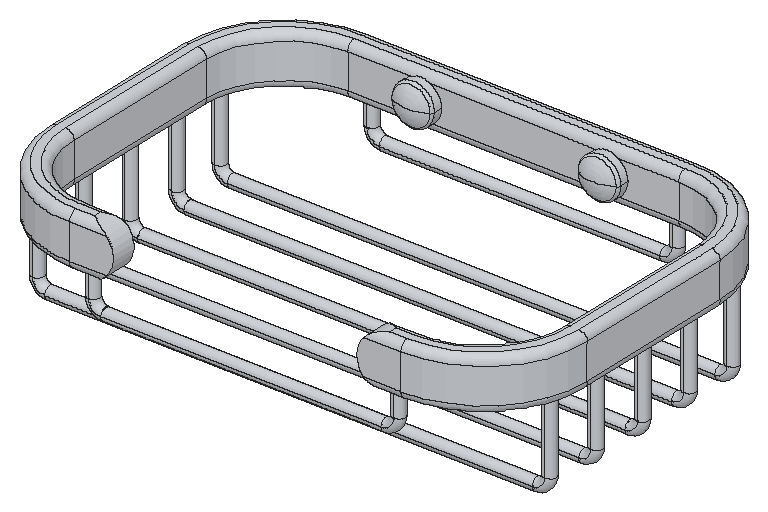
Revit family "Reece_Accessory_Posh_Solus_Soap Basket_Wire", category Plumbing Fixtures, Revit 2018
Family settings
  Round Connector Dimension = Use Diameter
  Part Type = Normal
  Work Plane-Based = Yes
  Always vertical = Yes
  Cut with Voids When Loaded = Yes
  Shared = Yes
  Room Calculation Point = Yes
Parameters (values of type "Chrome")
  URL = "https://www.reece.com.au/product/-2260170"
  Type Comments = "Accessory"
  Reece_Product_Web Page = "https://www.reece.com.au/product/-2260170"
  Reece_Product_Type = "Accessory"  # constant formula
  Reece_Product_Sub Brand = "Solus"  # constant formula
  Reece_Product_Number = "2260170"
  Reece_Product_Mount = "Wall Mounted"
  Reece_Product_Description = "Posh Solus Rectangular Wire Soap Basket Chrome"
  Reece_Product_Brand = "Posh"  # constant formula
  Reece_Overall_Width = 90 mm  # constant formula
  Reece_Overall_Length = 130 mm  # constant formula
  Reece_Overall_Height = 33 mm  # constant formula
  Reece_Material_Main = Reece_Brass_Chrome
  Reece_Height_From_Level [instance] = 1000 mm
  Reece_Detail_Installation = "Wall Mounted"  # constant formula
  Reece_Detail_Disclaimer = "THIS FILE IS THE PROPERTY OF THE REECE GROUP. IT MAY NOT BE REPRODUCED, REVERSE-ENGINEERED OR MODIFIED. ANY REPUBLICATION, TRANSMISSION OR DISTRIBUTION FOR THE PURPOSE OF COMMERCIALLY EXPLOITING THE FILES IS PROHIBITED."  # constant formula
  Reece_Detail_Additional = "Soap Basket"  # constant formula
  Model = "Solus"
  Manufacturer = "Posh"
  Keynote = "Product #2260170, Reece_Accessory_Posh_Solus_Soap Basket_Wire - Chrome"
  Disclaimer = "THIS FILE IS THE PROPERTY OF THE REECE GROUP. IT MAY NOT BE REPRODUCED, REVERSE-ENGINEERED OR MODIFIED. ANY REPUBLICATION, TRANSMISSION OR DISTRIBUTION FOR THE PURPOSE OF COMMERCIALLY EXPLOITING THE FILES IS PROHIBITED."  # constant formula
  Description = "Posh Solus Rectangular Wire Soap Basket Chrome"
  Default Elevation = 0 mm
Types (2, lengths in mm): name | Keynote
  (no name) | "Product #2260170, Reece_Accessory_Posh_Solus_Soap Basket_Wire -  "
  Chrome | "Product #2260170, Reece_Accessory_Posh_Solus_Soap Basket_Wire - Chrome"
Reference planes
  plane 1 "Center (Front/Back)": y = 0
  plane 2 "Bottom Host Plane": z = -5
  plane 3 "Center (Left/Right)": x = 0
  plane 4 "Height From Floor": z = 1000
  plane 5: z = 1006.352
  plane 6: z = 973.352
  plane 7: x = 65
  plane 8: x = -65
  plane 9: y = -90
Lines and regions (mm)
  model lines, style "InvisibleLines"
    curve 1: line (0, 0, -5) -> (0, 0, 1000)
Text (mm)
  text "Reece ©" at (2668.853, -2395.367, 2952.593), in view "Reece Preview"
  text "Reece Copyright © 2018, Reece Ltd." at (-247.475, -190.626, 0), in view "Ref. Level"
Dimensions and locks
  plane 2 "Bottom Host Plane" to level = 5 mm
  locked: level to plane 2 "Bottom Host Plane" at 5
  "Reece_Height_From_Level": plane 4 "Height From Floor" to level
  equal spacing: plane 8, plane 3 "Center (Left/Right)", plane 7
  "Reece_Overall_Length": plane 8 to plane 7
  "Reece_Overall_Width": plane 9 to plane 1 "Center (Front/Back)"
  "Reece_Overall_Height": plane 5 to plane 6
  locked: plane 5 to plane 4 "Height From Floor" at 6.352
  aligned and locked: plane 2 "Bottom Host Plane" to curve 1
  aligned and locked: plane 4 "Height From Floor" to curve 1
  aligned and locked: plane 3 "Center (Left/Right)" to nested 1
  aligned and locked: plane 4 "Height From Floor" to nested 1
Automatic sketch dimensions
  curve 1 to plane 3 "Center (Left/Right)" = 0 mm
Nested families
  nested 1: "Reece_Accessory_Posh_Solus_Soap Basket_Wire_Nested" at (0, 0, 973.352), Reece_Material_Main <- "Reece_Material_Main", type "Chrome"
    with Reece_Material_Main Reece_Brass_Chrome
Definition of nested family "Reece_Accessory_Posh_Solus_Soap Basket_Wire_Nested"
  Parameters (values of type "Chrome")
    Reece_Overall_Width = 90 mm  # constant formula
    Reece_Overall_Length = 130 mm  # constant formula
    Reece_Overall_Height = 33 mm  # constant formula
    Reece_Material_Main [instance] = none
    Default Elevation = 0 mm
  Reference planes
    plane 1 "Center (Front/Back)": y = 0
    plane 2 "Bottom Host Plane": z = -5
    plane 3 "Center (Left/Right)": x = 0
    plane 4: x = 65
    plane 5: x = -65
    plane 6: y = -90
    plane 7 "Height From Floor": z = 26.648
    plane 8: z = 33
    plane 9: z = 0
    plane 10: x = -29.367
    plane 11: x = 29.367
  Forms (mm)
    Sweep 1, solid, material <- "Reece_Material_Main"
      path origin (-14, 24.984, 26.648) x (-1, 0, 0) y (0, -1, 0)
        loop
          line (-30.43, 114.984) -> (-54, 114.984)
          arc (-54, 114.984) -> (-71.678, 107.661) -> (-79, 89.984) r 25
          line (-79, 89.984) -> (-79, 50)
          arc (-79, 50) -> (-71.678, 32.322) -> (-54, 25) r 25
          line (-54, 25) -> (26, 25)
          arc (26, 25) -> (43.678, 32.322) -> (51, 50) r 25
          line (51, 50) -> (51, 89.984)
          arc (51, 89.984) -> (43.678, 107.661) -> (26, 114.984) r 25
          line (26, 114.984) -> (4.254, 114.984)
      profile origin (28.215, -90, 26.648) x (0, 1, 0) y (0, 0, 1)
        loop
          line (2, -6.148) -> (4, -6.148)
          arc (4, -6.148) -> (5.414, -5.563) -> (6, -4.148) r 2
          line (6, -4.148) -> (6, 4.352)
          arc (6, 4.352) -> (5.414, 5.766) -> (4, 6.352) r 2
          line (4, 6.352) -> (2, 6.352)
          arc (2, 6.352) -> (0.586, 5.766) -> (0, 4.352) r 2
          line (0, 4.352) -> (0, -4.148)
          arc (0, -4.148) -> (0.586, -5.563) -> (2, -6.148) r 2
    Sweep 2, solid, material <- "Reece_Material_Main"
      path origin (-13.375, -18.753, -973.027) x (-1, 0, 0) y (0, 0, 1)
        loop
          line (-75.177, 1000) -> (-75.177, 977.419)
          arc (-75.177, 977.419) -> (-74.308, 975.321) -> (-72.21, 974.452) r 2.967
          line (-72.21, 974.452) -> (45.473, 974.452)
          arc (45.473, 974.452) -> (47.63, 975.345) -> (48.523, 977.502) r 3.05
          line (48.523, 977.502) -> (48.523, 1000)
      profile origin (61.802, -18.753, 15.682) x (0, 1, 0) y (-1, 0, 0)
        loop
          circle (1.5, 0) r 1.5
    Sweep 3, solid, material <- "Reece_Material_Main"
      path origin (-13.375, -31.816, -973.027) x (-1, 0, 0) y (0, 0, 1)
        loop
          line (-75.177, 1000) -> (-75.177, 977.419)
          arc (-75.177, 977.419) -> (-74.308, 975.321) -> (-72.21, 974.452) r 2.967
          line (-72.21, 974.452) -> (45.473, 974.452)
          arc (45.473, 974.452) -> (47.63, 975.345) -> (48.523, 977.502) r 3.05
          line (48.523, 977.502) -> (48.523, 1000)
      profile origin (61.802, -31.816, 15.682) x (0, 1, 0) y (-1, 0, 0)
        loop
          circle (1.5, 0) r 1.5
    Sweep 4, solid, material <- "Reece_Material_Main"
      path origin (-13.375, -45.816, -973.027) x (-1, 0, 0) y (0, 0, 1)
        loop
          line (-75.177, 1000) -> (-75.177, 977.419)
          arc (-75.177, 977.419) -> (-74.308, 975.321) -> (-72.21, 974.452) r 2.967
          line (-72.21, 974.452) -> (45.473, 974.452)
          arc (45.473, 974.452) -> (47.63, 975.345) -> (48.523, 977.502) r 3.05
          line (48.523, 977.502) -> (48.523, 1000)
      profile origin (61.802, -45.816, 15.682) x (0, 1, 0) y (-1, 0, 0)
        loop
          circle (1.5, 0) r 1.5
    Sweep 5, solid, material <- "Reece_Material_Main"
      path origin (-13.375, -59.816, -973.027) x (-1, 0, 0) y (0, 0, 1)
        loop
          line (-75.177, 1000) -> (-75.177, 977.419)
          arc (-75.177, 977.419) -> (-74.308, 975.321) -> (-72.21, 974.452) r 2.967
          line (-72.21, 974.452) -> (45.473, 974.452)
          arc (45.473, 974.452) -> (47.63, 975.345) -> (48.523, 977.502) r 3.05
          line (48.523, 977.502) -> (48.523, 1000)
      profile origin (61.802, -59.816, 15.682) x (0, 1, 0) y (-1, 0, 0)
        loop
          circle (1.5, 0) r 1.5
    Sweep 6, solid, material <- "Reece_Material_Main"
      path origin (-13.375, -73.816, -973.027) x (-1, 0, 0) y (0, 0, 1)
        loop
          line (-75.177, 1000) -> (-75.177, 977.419)
          arc (-75.177, 977.419) -> (-74.308, 975.321) -> (-72.21, 974.452) r 2.967
          line (-72.21, 974.452) -> (45.523, 974.452)
          arc (45.523, 974.452) -> (47.644, 975.33) -> (48.523, 977.452) r 3
          line (48.523, 977.452) -> (48.523, 1000)
      profile origin (61.802, -73.816, 15.682) x (0, 1, 0) y (-1, 0, 0)
        loop
          circle (1.5, 0) r 1.5
    Sweep 7, solid, material <- "Reece_Material_Main"
      path origin (-13.375, -4.083, -973.628) x (-1, 0, 0) y (0, 0, 1)
        loop
          line (-50.177, 995.646) -> (-50.177, 988.467)
          arc (-50.177, 988.467) -> (-49.308, 986.369) -> (-47.21, 985.5) r 2.967
          line (-47.21, 985.5) -> (20.473, 985.5)
          arc (20.473, 985.5) -> (22.63, 986.393) -> (23.523, 988.55) r 3.05
          line (23.523, 988.55) -> (23.523, 995.918)
      profile origin (36.802, -4.083, 18.429) x (0, 1, 0) y (-1, 0, 0)
        loop
          circle (1.5, 0) r 1.5
    Sweep 8, solid, material <- "Reece_Material_Main"
      path origin (-13.375, -88.209, -973.628) x (-1, 0, 0) y (0, 0, 1)
        loop
          line (-50.177, 995.646) -> (-50.177, 988.467)
          arc (-50.177, 988.467) -> (-49.308, 986.369) -> (-47.21, 985.5) r 2.967
          line (-47.21, 985.5) -> (20.473, 985.5)
          arc (20.473, 985.5) -> (22.63, 986.393) -> (23.523, 988.55) r 3.05
          line (23.523, 988.55) -> (23.523, 995.918)
      profile origin (36.802, -88.209, 18.429) x (0, 1, 0) y (-1, 0, 0)
        loop
          circle (1.5, 0) r 1.5
    Revolve 9, solid, material <- "Reece_Material_Main"
      sketch origin (0, -1.25, 26.648) x (-1, 0, 0) y (0, -1, 0)
        loop
          line (22.5, 0) -> (27.5, 0) -> (27.5, 6.713)
          arc (27.5, 6.713) -> (27.393, 7.158) -> (27.096, 7.507) r 0.982
          arc (27.096, 7.507) -> (24.917, 8.62) -> (22.5, 9.004) r 7.804
          line (22.5, 9.004) -> (22.5, 0)
        axis (22.5, 0) -> (22.5, 9.004)
      angle from 0 to 360
    Revolve 10, solid, material <- "Reece_Material_Main"
      sketch origin (0, -1.25, 26.648) x (1, 0, 0) y (0, -1, 0)
        loop
          line (22.5, 0) -> (27.5, 0) -> (27.5, 6.713)
          arc (27.5, 6.713) -> (27.393, 7.158) -> (27.096, 7.507) r 0.982
          arc (27.096, 7.507) -> (24.917, 8.62) -> (22.5, 9.004) r 7.804
          line (22.5, 9.004) -> (22.5, 0)
        axis (22.5, 0) -> (22.5, 9.004)
      angle from 0 to 360
    Extrusion 11, void
      sketch origin (0, -29.067, 0) x (-1, 0, 0) y (0, 0, 1)
        loop
          line (35.617, 33) -> (35.617, 38) -> (-35.617, 38) -> (-35.617, 33)
          arc (-35.617, 33) -> (-29.367, 26.75) -> (-35.617, 20.5) r 6.25
          line (-35.617, 20.5) -> (-35.617, 15.297) -> (35.617, 15.297) -> (35.617, 20.5)
          arc (35.617, 20.5) -> (29.367, 26.75) -> (35.617, 33) r 6.25
      from -66.562 to -52.057
  Cuts and joins
    Extrusion 11 cuts Sweep 1
    joined: Sweep 1, Sweep 2, Sweep 3, Sweep 4, Sweep 5, Sweep 6, Revolve 9, Revolve 10
  Text (mm)
    text "Reece ©" at (2668.853, -2395.367, 2952.593), in view "Reece Preview"
    text "Reece Copyright © 2018, Reece Ltd." at (-247.475, -190.626, 0), in view "Ref. Level"
  Dimensions and locks
    plane 2 "Bottom Host Plane" to level = 5 mm
    locked: level to plane 2 "Bottom Host Plane" at 5
    equal spacing: plane 5, plane 3 "Center (Left/Right)", plane 4
    "Reece_Overall_Length": plane 5 to plane 4
    "Reece_Overall_Width": plane 6 to plane 1 "Center (Front/Back)"
    "Reece_Overall_Height": plane 8 to plane 9
  Automatic sketch dimensions
    Sweep 1 sketch curve to profile plane = 0 mm
    Sweep 1 sketch curve to profile plane = 2 mm
    Sweep 1 sketch curve to Sweep 1 sketch curve = 2 mm  (x4)
    Sweep 1 sketch curve to profile plane = 6.148 mm
    profile plane to Sweep 1 sketch curve = 4.352 mm
    Sweep 2 sketch curve to plane 4 = 3.198 mm
    level to Sweep 2 sketch curve = 1.424 mm
    Sweep 2 sketch curve to Sweep 2 sketch curve = 2.967 mm
    Sweep 2 sketch curve to plane 5 = 6.152 mm
    Sweep 2 sketch curve to Sweep 2 sketch curve = 3.05 mm
    plane 7 "Height From Floor" to Sweep 2 sketch curve = 0.324 mm  (x2)
    Sweep 2 sketch curve to profile plane = 0 mm
    profile plane to Sweep 2 sketch curve = 1.5 mm
    Sweep 3 sketch curve to plane 4 = 3.198 mm
    level to Sweep 3 sketch curve = 1.424 mm
    Sweep 3 sketch curve to Sweep 3 sketch curve = 2.967 mm
    Sweep 3 sketch curve to plane 5 = 6.152 mm
    Sweep 3 sketch curve to Sweep 3 sketch curve = 3.05 mm
    plane 7 "Height From Floor" to Sweep 3 sketch curve = 0.324 mm  (x2)
    Sweep 3 sketch curve to profile plane = 0 mm
    profile plane to Sweep 3 sketch curve = 1.5 mm
    Sweep 4 sketch curve to plane 4 = 3.198 mm
    level to Sweep 4 sketch curve = 1.424 mm
    Sweep 4 sketch curve to Sweep 4 sketch curve = 2.967 mm
    Sweep 4 sketch curve to plane 5 = 6.152 mm
    Sweep 4 sketch curve to Sweep 4 sketch curve = 3.05 mm
    plane 7 "Height From Floor" to Sweep 4 sketch curve = 0.324 mm  (x2)
    Sweep 4 sketch curve to profile plane = 0 mm
    profile plane to Sweep 4 sketch curve = 1.5 mm
    Sweep 5 sketch curve to plane 4 = 3.198 mm
    level to Sweep 5 sketch curve = 1.424 mm
    Sweep 5 sketch curve to Sweep 5 sketch curve = 2.967 mm
    Sweep 5 sketch curve to plane 5 = 6.152 mm
    Sweep 5 sketch curve to Sweep 5 sketch curve = 3.05 mm
    plane 7 "Height From Floor" to Sweep 5 sketch curve = 0.324 mm  (x2)
    Sweep 5 sketch curve to profile plane = 0 mm
    profile plane to Sweep 5 sketch curve = 1.5 mm
    Sweep 6 sketch curve to plane 4 = 3.198 mm
    level to Sweep 6 sketch curve = 1.424 mm
    Sweep 6 sketch curve to Sweep 6 sketch curve = 2.967 mm
    Sweep 6 sketch curve to plane 5 = 6.102 mm
    Sweep 6 sketch curve to Sweep 6 sketch curve = 3 mm
    plane 7 "Height From Floor" to Sweep 6 sketch curve = 0.324 mm  (x2)
    Sweep 6 sketch curve to profile plane = 0 mm
    profile plane to Sweep 6 sketch curve = 1.5 mm
    Sweep 7 sketch curve to plane 7 "Height From Floor" = 11.809 mm
    Sweep 7 sketch curve to plane 4 = 28.198 mm
    Sweep 7 sketch curve to Sweep 7 sketch curve = 2.967 mm
    Sweep 7 sketch curve to plane 7 "Height From Floor" = 11.726 mm
    Sweep 7 sketch curve to plane 5 = 31.152 mm
    Sweep 7 sketch curve to plane 7 "Height From Floor" = 4.63 mm
    Sweep 7 sketch curve to plane 7 "Height From Floor" = 4.358 mm
    Sweep 7 sketch curve to profile plane = 0 mm
    profile plane to Sweep 7 sketch curve = 1.5 mm
    Sweep 8 sketch curve to plane 7 "Height From Floor" = 11.809 mm
    Sweep 8 sketch curve to plane 4 = 28.198 mm
    Sweep 8 sketch curve to Sweep 8 sketch curve = 2.967 mm
    Sweep 8 sketch curve to plane 7 "Height From Floor" = 11.726 mm
    Sweep 8 sketch curve to plane 5 = 31.152 mm
    Sweep 8 sketch curve to plane 7 "Height From Floor" = 4.63 mm
    Sweep 8 sketch curve to plane 7 "Height From Floor" = 4.358 mm
    Sweep 8 sketch curve to profile plane = 0 mm
    profile plane to Sweep 8 sketch curve = 1.5 mm
    plane 1 "Center (Front/Back)" to Revolve 9 sketch curve = 1.25 mm
    Revolve 9 sketch curve to plane 3 "Center (Left/Right)" = 22.5 mm
    Revolve 9 sketch curve to Revolve 9 sketch curve = 4.018 mm
    Revolve 9 sketch curve to Revolve 9 sketch curve = 5 mm
    Revolve 9 sketch curve to Revolve 9 sketch curve = 1.201 mm
    Revolve 9 sketch curve to Revolve 9 sketch curve = 6.713 mm
    Revolve 9 sketch curve to Revolve 9 sketch curve = 2.291 mm
    Revolve 9 sketch curve to Revolve 9 sketch curve = 0 mm  (x2)
    Revolve 9 sketch curve to Revolve 9 sketch curve = 2.538 mm
    Revolve 10 sketch curve to plane 1 "Center (Front/Back)" = 1.25 mm
    Revolve 10 sketch curve to plane 3 "Center (Left/Right)" = 22.5 mm
    Revolve 10 sketch curve to Revolve 10 sketch curve = 4.018 mm
    Revolve 10 sketch curve to Revolve 10 sketch curve = 5 mm
    Revolve 10 sketch curve to Revolve 10 sketch curve = 1.201 mm
    Revolve 10 sketch curve to Revolve 10 sketch curve = 6.713 mm
    Revolve 10 sketch curve to Revolve 10 sketch curve = 2.291 mm
    Revolve 10 sketch curve to Revolve 10 sketch curve = 0 mm  (x2)
    Revolve 10 sketch curve to Revolve 10 sketch curve = 2.538 mm
    Sweep 1 sketch curve to plane 4 = 0 mm
    Sweep 1 sketch curve to plane 6 = 0 mm  (x2)
    Sweep 1 sketch curve to plane 5 = 0 mm
    plane 11 to Sweep 1 sketch curve = 10.633 mm  (x2)
    plane 1 "Center (Front/Back)" to Sweep 1 sketch curve = 0.016 mm
    plane 10 to Sweep 1 sketch curve = 10.633 mm  (x2)
    Sweep 1 sketch curve to plane 11 = 12.937 mm
    Sweep 1 sketch curve to plane 10 = 11.113 mm
    plane 10 to Extrusion 11 sketch curve = 6.25 mm
    plane 7 "Height From Floor" to Extrusion 11 sketch curve = 0.102 mm
    Extrusion 11 sketch curve to plane 8 = 5 mm
    Extrusion 11 sketch curve to plane 8 = 0 mm  (x2)
    plane 11 to Extrusion 11 sketch curve = 6.25 mm
    Extrusion 11 sketch curve to Extrusion 11 sketch curve = 5.203 mm  (x2)
    radius of Sweep 2 sketch curve = 1.5 mm
    radius of Sweep 3 sketch curve = 1.5 mm
    radius of Sweep 4 sketch curve = 1.5 mm
    radius of Sweep 5 sketch curve = 1.5 mm
    radius of Sweep 6 sketch curve = 1.5 mm
    radius of Sweep 7 sketch curve = 1.5 mm
    radius of Sweep 8 sketch curve = 1.5 mm
